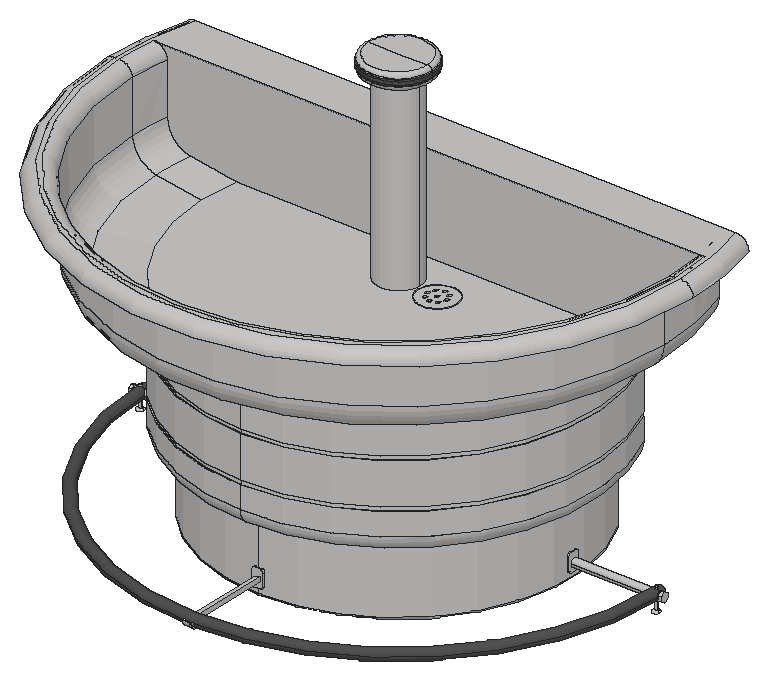
Revit family "Washfountain_Lavatory-Bradley_Corp-WF2704-Type_A_Drain", category Plumbing Fixtures, Revit 2012 (continued)
Automatic sketch dimensions
  curve 63 to curve 8 = 2.89235"
  curve 63 to curve 62 = 1.250"
  curve 62 to curve 60 = 0.64189"
  curve 8 to curve 61 = 0.37529"
  curve 66 to level = 0.000"
  curve 66 to plane 3 "Center (Left/Right)" = 0.000"
  plane 3 "Center (Left/Right)" to curve 162 = 0.400"
  plane 3 "Center (Left/Right)" to curve 70 = 1.023"
  curve 69 to curve 162 = 1.635"
  curve 26 to plane 5 "Right" = 11.278"
  curve 25 to curve 26 = 0.21563"
  curve 30 to curve 25 = 1.9764"
  curve 27 to curve 25 = 1.9764"
  curve 32 to curve 30 = 0.000"
  curve 29 to curve 27 = 0.000"
  curve 31 to curve 32 = 0.000"  (x2)
  curve 28 to curve 29 = 0.000"  (x2)
  curve 33 to plane 5 "Right" = 2.48644"
  curve 162 to plane 3 "Center (Left/Right)" = 0.40046"
  curve 68 to plane 3 "Center (Left/Right)" = 1.023"
  curve 162 to curve 67 = 1.63454"
  plane 4 "Left" to curve 26 = 11.27596"
  curve 26 to curve 25 = 0.21401"
  curve 25 to curve 32 = 1.98272"
  curve 30 to curve 32 = 0.000"
  curve 29 to curve 30 = 0.000"
  curve 27 to curve 28 = 0.000"
  plane 4 "Left" to curve 33 = 2.48644"
  level to curve 162 = 0.92558"
  level to curve 69 = 1.069"
  level to curve 67 = 1.069"
  curve 69 to curve 70 = 4.007"
  curve 68 to curve 70 = 0.000"
  level to curve 26 = 6.04595"
  curve 26 to curve 25 = 0.31292"
  curve 25 to curve 27 = 3.563"
  curve 27 to curve 28 = 0.1875"
  curve 28 to curve 29 = 0.1875"
  curve 29 to curve 30 = 3.8125"
  curve 30 to curve 31 = 0.1875"
  curve 31 to curve 32 = 0.1875"
  plane 3 "Center (Left/Right)" to Extrusion 15 sketch curve = 0.06458"
  plane 3 "Center (Left/Right)" to Extrusion 15 sketch curve = 5.500"
  Extrusion 15 sketch curve to Extrusion 15 sketch curve = 0.06458"  (x2)
  Extrusion 15 sketch curve to plane 3 "Center (Left/Right)" = 0.06458"
  Extrusion 15 sketch curve to plane 3 "Center (Left/Right)" = 5.500"
  plane 12 to Extrusion 15 sketch curve = 3.13814"  (x2)
  Extrusion 15 sketch curve to Extrusion 15 sketch curve = 0.11186"
  Extrusion 15 sketch curve to plane 12 = 6.38814"
  Extrusion 16 sketch curve to plane 6 "Towel Dispenser" = 0.000"
  Extrusion 16 sketch curve to Extrusion 16 sketch curve = 2.250"
  Extrusion 16 sketch curve to Extrusion 16 sketch curve = 4.000"
  Extrusion 17 sketch curve to plane 6 "Towel Dispenser" = 0.000"
  Extrusion 17 sketch curve to Extrusion 17 sketch curve = 2.250"
  Extrusion 17 sketch curve to Extrusion 17 sketch curve = 4.000"
  plane 3 "Center (Left/Right)" to Extrusion 18 sketch curve = 0.06458"
  plane 3 "Center (Left/Right)" to Extrusion 18 sketch curve = 5.500"
  Extrusion 18 sketch curve to Extrusion 18 sketch curve = 0.06458"  (x2)
  Extrusion 18 sketch curve to plane 3 "Center (Left/Right)" = 0.06458"
  Extrusion 18 sketch curve to plane 3 "Center (Left/Right)" = 5.500"
  plane 12 to Extrusion 18 sketch curve = 3.13814"  (x2)
  Extrusion 18 sketch curve to Extrusion 18 sketch curve = 0.11186"
  Extrusion 18 sketch curve to plane 12 = 6.38814"
  Split face 1 sketch curve to Extrusion 16 = 0.56845"
  Split face 1 sketch curve to Split face 1 sketch curve = 0.750"
  Split face 1 sketch curve to Extrusion 16 = 1.500"  (x2)
  Split face 2 sketch curve to Extrusion 17 = 0.56845"
  Split face 2 sketch curve to Split face 2 sketch curve = 0.750"
  Split face 2 sketch curve to Extrusion 17 = 1.500"  (x2)
  curve 79 to Extrusion 16 = 0.000"  (x3)
  curve 82 to Extrusion 16 = 2.602"
  curve 82 to curve 82 = 1.000"
  Extrusion 16 to curve 82 = 1.957"
  curve 80 to Extrusion 17 = 0.000"  (x3)
  curve 81 to Extrusion 17 = 2.602"
  curve 81 to curve 81 = 1.000"
  Extrusion 17 to curve 81 = 1.957"
  curve 7 to Masking region 21 sketch curve = 8.500"
  curve 7 to Masking region 21 sketch curve = 1.000"
  Masking region 21 sketch curve to curve 7 = 0.99987"
  curve 7 to Masking region 21 sketch curve = 4.875"
  curve 7 to Masking region 22 sketch curve = 1.000"
  Masking region 22 sketch curve to curve 7 = 0.99987"
  Masking region 22 sketch curve to curve 7 = 8.500"
  Masking region 22 sketch curve to curve 7 = 6.000"
  Masking region 23 sketch curve to plane 9 "Spray Head" = 0.000"
  Masking region 23 sketch curve to plane 13 = 0.000"
  Masking region 23 sketch curve to plane 12 = 2.000"
  plane 12 to Masking region 23 sketch curve = 2.000"
  Masking region 24 sketch curve to plane 6 "Towel Dispenser" = 0.000"
  Masking region 24 sketch curve to plane 7 "Soap Dispenser" = 8.500"
  Masking region 24 sketch curve to plane 12 = 2.000"
  plane 12 to Masking region 24 sketch curve = 2.000"
  Masking region 25 sketch curve to curve 10 = 0.000"
  Masking region 25 sketch curve to curve 10 = 4.250"
  Masking region 25 sketch curve to curve 10 = 2.000"
  Masking region 25 sketch curve to curve 10 = 0.250"
  curve 10 to Masking region 25 sketch curve = 1.000"
  Masking region 25 sketch curve to curve 10 = 1.000"
  curve 10 to Masking region 25 sketch curve = 3.38814"
  curve 10 to Masking region 25 sketch curve = 4.26314"
  Masking region 25 sketch curve to curve 10 = 1.37502"  (x2)
  Masking region 25 sketch curve to Masking region 25 sketch curve = 1.125"
  curve 10 to Masking region 25 sketch curve = 14.62567"  (x2)
  Masking region 25 sketch curve to Masking region 25 sketch curve = 0.68733"
  curve 10 to Masking region 25 sketch curve = 15.313"
  Masking region 25 sketch curve to Masking region 25 sketch curve = 1.000"
  Masking region 26 sketch curve to curve 9 = 0.000"
  Masking region 26 sketch curve to curve 9 = 1.37502"  (x2)
  Masking region 26 sketch curve to curve 9 = 6.02868"
  Masking region 26 sketch curve to Masking region 26 sketch curve = 1.94856"
  Masking region 26 sketch curve to curve 9 = 2.56458"
  curve 9 to Masking region 26 sketch curve = 1.000"  (x2)
  Masking region 26 sketch curve to curve 9 = 1.000"
  Masking region 26 sketch curve to curve 9 = 0.99987"
  curve 9 to Masking region 26 sketch curve = 2.56458"
  curve 9 to Masking region 26 sketch curve = 4.08013"
  Masking region 26 sketch curve to Masking region 26 sketch curve = 3.4641"
  curve 9 to Masking region 26 sketch curve = 14.62567"  (x2)
  curve 9 to Masking region 26 sketch curve = 15.313"  (x2)
  curve 9 to Masking region 26 sketch curve = 16.313"
  curve 108 to curve 10 = 0.000"
  curve 109 to curve 10 = 0.000"
  curve 116 to curve 10 = 0.000"
  curve 108 to curve 10 = 0.250"
  curve 108 to curve 109 = 0.11186"
  curve 10 to curve 116 = 0.73686"
  curve 10 to curve 113 = 1.000"
  curve 113 to curve 111 = 0.86186"
  curve 111 to curve 118 = 0.01928"
  curve 118 to curve 118 = 0.39728"
  curve 118 to curve 118 = 0.31998"
  curve 118 to curve 121 = 0.31998"
  curve 113 to curve 10 = 1.000"
  curve 10 to curve 114 = 0.625"
  curve 120 to curve 10 = 0.29642"
  curve 120 to curve 114 = 2.18152"
  curve 120 to curve 120 = 0.31998"  (x2)
  curve 10 to curve 115 = 3.69333"
  curve 120 to curve 120 = 0.39728"
  curve 114 to curve 112 = 4.76314"
  curve 118 to curve 118 = 0.17193"
  curve 120 to curve 114 = 0.46834"
  curve 121 to curve 115 = 2.89842"
  curve 115 to curve 115 = 1.000"
  curve 10 to curve 114 = 13.12502"
  curve 10 to curve 110 = 14.62567"
  curve 10 to curve 110 = 15.313"
  curve 10 to curve 113 = 15.313"
  curve 108 to curve 109 = 0.000"
  curve 123 to curve 122 = 0.000"
  curve 129 to curve 122 = 0.000"
  curve 130 to curve 122 = 0.000"
  curve 124 to curve 122 = 0.000"
  curve 123 to curve 122 = 2.56458"
  curve 122 to curve 129 = 1.000"
  curve 122 to curve 134 = 1.000"
  curve 122 to curve 133 = 1.000"
  curve 132 to curve 122 = 1.000"
  curve 131 to curve 132 = 0.000"
  curve 130 to curve 122 = 0.99987"
  curve 122 to curve 127 = 2.56458"
  curve 122 to curve 130 = 1.0786"
  curve 128 to curve 127 = 0.500"
  curve 122 to curve 126 = 14.12567"
  curve 126 to curve 125 = 0.500"
  curve 132 to curve 132 = 0.68733"
  curve 125 to curve 124 = 0.68733"
  curve 125 to curve 123 = 0.68733"
  curve 133 to curve 133 = 0.68733"
  curve 135 to curve 136 = 0.000"
  curve 96 to curve 136 = 1.37502"
  curve 96 to curve 136 = 6.02868"
  curve 84 to curve 136 = 6.02868"
  curve 93 to curve 98 = 0.9785"
  curve 93 to curve 103 = 1.17006"
  curve 103 to curve 103 = 0.55422"  (x2)
  curve 103 to curve 136 = 0.29642"
  curve 103 to curve 103 = 0.10867"
  curve 103 to curve 96 = 0.36284"
  curve 101 to curve 93 = 0.43861"
  curve 101 to curve 100 = 0.10867"
  curve 101 to curve 136 = 0.30441"
  curve 136 to curve 102 = 0.24981"
  curve 101 to curve 135 = 0.75019"
  curve 136 to curve 83 = 1.000"
  curve 135 to curve 94 = 0.41987"
  curve 83 to curve 92 = 1.93542"
  curve 92 to curve 91 = 0.12917"
  curve 90 to curve 136 = 1.41987"
  curve 83 to curve 136 = 1.000"
  curve 90 to curve 135 = 0.420"
  curve 105 to curve 136 = 0.35848"
  curve 105 to curve 106 = 0.10867"
  curve 136 to curve 105 = 0.30441"
  curve 136 to curve 86 = 0.52868"
  curve 88 to curve 105 = 0.32994"
  curve 136 to curve 99 = 1.50718"
  curve 104 to curve 97 = 2.42006"
  curve 97 to curve 107 = 0.4715"
  curve 107 to curve 107 = 0.55422"  (x2)
  curve 107 to curve 107 = 0.10867"
  curve 97 to curve 87 = 2.750"
  curve 136 to curve 105 = 0.29642"
  curve 103 to curve 103 = 0.04026"
  curve 105 to curve 105 = 0.04026"
  curve 106 to curve 97 = 1.0786"
  curve 93 to curve 98 = 2.602"
  curve 136 to curve 99 = 3.97702"
  curve 98 to curve 98 = 1.000"
  curve 99 to curve 99 = 1.000"
  curve 136 to curve 96 = 13.12502"
  curve 136 to curve 97 = 13.12502"
  curve 136 to curve 95 = 14.62567"
  curve 136 to curve 88 = 14.62567"
  curve 136 to curve 86 = 15.313"
  Extrusion 21 sketch curve to Extrusion 21 sketch curve = 0.000"  (x6)
  Extrusion 21 sketch curve to plane 12 = 0.5533"  (x3)
  plane 3 "Center (Left/Right)" to Extrusion 21 sketch curve = 5.750"
  Extrusion 21 sketch curve to Extrusion 21 sketch curve = 0.87229"
  plane 12 to Extrusion 21 sketch curve = 0.06733"  (x2)
  Extrusion 21 sketch curve to Extrusion 21 sketch curve = 0.25708"  (x4)
  Extrusion 21 sketch curve to Extrusion 21 sketch curve = 0.62063"  (x7)
  plane 12 to Extrusion 21 sketch curve = 0.32441"
  Extrusion 22 sketch curve to plane 12 = 0.5533"
  plane 3 "Center (Left/Right)" to Extrusion 22 sketch curve = 4.000"
  profile plane to Sweep 23 sketch curve = 0.500"
  profile plane to Sweep 23 sketch curve = 1.42499"
  Extrusion 24 sketch curve to plane 12 = 0.42481"
  Extrusion 24 sketch curve to plane 12 = 0.05332"
  Extrusion 24 sketch curve to plane 12 = 0.05331"
  plane 12 to Extrusion 24 sketch curve = 0.31819"
  level to Extrusion 24 sketch curve = 0.99603"
  Extrusion 24 sketch curve to Extrusion 24 sketch curve = 0.21448"  (x2)
  Extrusion 24 sketch curve to Extrusion 24 sketch curve = 0.42897"  (x2)
  Extrusion 24 sketch curve to Extrusion 24 sketch curve = 0.21449"
  Extrusion 25 sketch curve to plane 12 = 0.42481"
  Extrusion 25 sketch curve to plane 12 = 0.05332"
  Extrusion 25 sketch curve to plane 12 = 0.05331"
  plane 12 to Extrusion 25 sketch curve = 0.31819"
  level to Extrusion 25 sketch curve = 0.99603"
  Extrusion 25 sketch curve to Extrusion 25 sketch curve = 0.21448"  (x2)
  Extrusion 25 sketch curve to Extrusion 25 sketch curve = 0.42897"  (x2)
  Extrusion 25 sketch curve to Extrusion 25 sketch curve = 0.21449"
  Extrusion 26 sketch curve to plane 12 = 0.000"  (x2)
  plane 4 "Left" to Extrusion 26 sketch curve = 3.42187"
  Extrusion 26 sketch curve to plane 5 "Right" = 3.42187"
  Blend 27 sketch curve to plane 12 = 0.000"  (x2)
  plane 4 "Left" to Blend 27 sketch curve = 3.42187"  (x2)
  Blend 28 sketch curve to plane 12 = 0.000"  (x2)
  Blend 28 sketch curve to plane 5 "Right" = 3.42187"  (x2)
  Masking region 27 sketch curve to curve 163 = 1.9244"
  Masking region 27 sketch curve to curve 163 = 22.00846"
  curve 163 to Masking region 27 sketch curve = 1.100"
  Masking region 27 sketch curve to Masking region 27 sketch curve = 0.80046"
  Masking region 27 sketch curve to curve 163 = 0.92558"
  curve 163 to Masking region 27 sketch curve = 22.00846"
  Extrusion 29 sketch curve to plane 12 = 0.55331"
  Extrusion 29 sketch curve to plane 12 = 0.30331"  (x2)
  plane 12 to Extrusion 29 sketch curve = 0.19669"  (x2)
  Extrusion 29 sketch curve to Extrusion 29 sketch curve = 0.250"
  level to Extrusion 29 sketch curve = 0.671"
  Extrusion 29 sketch curve to Extrusion 29 sketch curve = 1.125"
  Extrusion 30 sketch curve to plane 12 = 0.55331"
  Extrusion 30 sketch curve to plane 12 = 0.30331"
  Extrusion 30 sketch curve to Extrusion 30 sketch curve = 0.250"  (x2)
  plane 12 to Extrusion 30 sketch curve = 0.19669"  (x2)
  level to Extrusion 30 sketch curve = 0.671"
  Extrusion 30 sketch curve to Extrusion 30 sketch curve = 1.125"
  Masking region 28 sketch curve to Masking region 28 sketch curve = 0.000"  (x12)
  Masking region 28 sketch curve to level = 0.000"  (x2)
  plane 4 "Left" to Masking region 28 sketch curve = 2.67187"
  Masking region 28 sketch curve to Masking region 28 sketch curve = 0.3125"  (x2)
  Masking region 28 sketch curve to Masking region 28 sketch curve = 0.1105"
  Masking region 28 sketch curve to Masking region 28 sketch curve = 0.1734"
  Masking region 28 sketch curve to Masking region 28 sketch curve = 0.17342"
  Masking region 28 sketch curve to Masking region 28 sketch curve = 0.14408"
  Masking region 28 sketch curve to Masking region 28 sketch curve = 0.207"  (x5)
  Masking region 28 sketch curve to Masking region 28 sketch curve = 0.18967"
  Masking region 28 sketch curve to Masking region 28 sketch curve = 0.240"  (x4)
  level to Masking region 28 sketch curve = 2.296"  (x2)
  Masking region 28 sketch curve to Masking region 28 sketch curve = 7.39508"
  Masking region 28 sketch curve to Masking region 28 sketch curve = 0.125"  (x2)
  Masking region 28 sketch curve to plane 5 "Right" = 11.06237"
  Masking region 28 sketch curve to plane 5 "Right" = 3.74887"
  Masking region 28 sketch curve to Masking region 28 sketch curve = 0.05033"
  level to Masking region 28 sketch curve = 0.1445"  (x4)
  Masking region 28 sketch curve to Masking region 28 sketch curve = 0.14409"  (x2)
  Masking region 28 sketch curve to Masking region 28 sketch curve = 0.20127"  (x2)
  Masking region 28 sketch curve to Masking region 28 sketch curve = 0.33574"
  level to Masking region 28 sketch curve = 0.671"  (x2)
  Masking region 28 sketch curve to Masking region 28 sketch curve = 0.78363"  (x2)
  Masking region 28 sketch curve to Masking region 28 sketch curve = 0.03488"  (x2)
  Masking region 28 sketch curve to Masking region 28 sketch curve = 0.03303"  (x2)
  Masking region 28 sketch curve to Masking region 28 sketch curve = 0.05746"
  Masking region 28 sketch curve to Masking region 28 sketch curve = 0.05747"  (x2)
  Masking region 28 sketch curve to Masking region 28 sketch curve = 0.05748"
  Masking region 28 sketch curve to Masking region 28 sketch curve = 0.09048"
  Masking region 28 sketch curve to Masking region 28 sketch curve = 0.09049"
  Masking region 28 sketch curve to Masking region 28 sketch curve = 0.07813"
  Masking region 28 sketch curve to Masking region 28 sketch curve = 0.11301"
  level to Masking region 29 sketch curve = 1.9244"
  plane 14 "Front" to Masking region 29 sketch curve = 3.51211"
  plane 12 to Masking region 29 sketch curve = 0.500"
  Masking region 29 sketch curve to Masking region 29 sketch curve = 0.49941"
  Masking region 30 sketch curve to Masking region 30 sketch curve = 0.000"  (x6)
  Masking region 30 sketch curve to level = 0.000"
  plane 14 "Front" to Masking region 30 sketch curve = 2.9127"
  Masking region 30 sketch curve to Masking region 30 sketch curve = 0.050"
  Masking region 30 sketch curve to Masking region 30 sketch curve = 0.49941"
  level to Masking region 30 sketch curve = 0.92558"  (x2)
  Masking region 30 sketch curve to Masking region 30 sketch curve = 7.1076"
  Masking region 30 sketch curve to Masking region 30 sketch curve = 0.1378"  (x2)
  Masking region 30 sketch curve to plane 12 = 0.55349"
  Masking region 30 sketch curve to plane 12 = 0.55331"
  Masking region 30 sketch curve to Masking region 30 sketch curve = 0.1285"
  Masking region 30 sketch curve to plane 12 = 0.32637"
  Masking region 30 sketch curve to plane 12 = 0.30331"
  Masking region 30 sketch curve to plane 12 = 0.30215"
  Masking region 30 sketch curve to plane 12 = 0.120"
  Masking region 30 sketch curve to plane 12 = 0.05332"
  Masking region 30 sketch curve to plane 12 = 0.05331"
  plane 12 to Masking region 30 sketch curve = 0.120"
  plane 12 to Masking region 30 sketch curve = 0.19559"
  plane 12 to Masking region 30 sketch curve = 0.19669"
  Masking region 30 sketch curve to Masking region 30 sketch curve = 0.1226"
  Masking region 30 sketch curve to Masking region 30 sketch curve = 0.20637"
  Masking region 30 sketch curve to Masking region 30 sketch curve = 0.250"
  Masking region 30 sketch curve to Masking region 30 sketch curve = 0.25134"
  level to Masking region 30 sketch curve = 0.1445"  (x2)
  Masking region 30 sketch curve to Masking region 30 sketch curve = 0.25458"
  Masking region 30 sketch curve to Masking region 30 sketch curve = 0.5265"
  Masking region 30 sketch curve to Masking region 30 sketch curve = 0.25136"
  Masking region 30 sketch curve to Masking region 30 sketch curve = 0.07367"
  Masking region 30 sketch curve to Masking region 30 sketch curve = 0.28493"  (x2)
  Masking region 30 sketch curve to Masking region 30 sketch curve = 0.42897"  (x2)
  Masking region 30 sketch curve to Masking region 30 sketch curve = 0.21449"
  Masking region 30 sketch curve to Masking region 30 sketch curve = 0.99881"
  Masking region 30 sketch curve to Masking region 30 sketch curve = 0.28491"
  Masking region 30 sketch curve to Masking region 30 sketch curve = 0.1216"
  Masking region 30 sketch curve to Masking region 30 sketch curve = 0.3716"
  Extrusion 31 sketch curve to Extrusion 31 sketch curve = 0.000"  (x4)
  level to Extrusion 31 sketch curve = 1.42499"
  plane 14 "Front" to Extrusion 31 sketch curve = 2.9127"
  Extrusion 31 sketch curve to Extrusion 31 sketch curve = 0.050"
  Extrusion 31 sketch curve to Extrusion 31 sketch curve = 0.49941"
  Extrusion 31 sketch curve to Extrusion 31 sketch curve = 0.45761"
  level to Extrusion 32 sketch curve = 1.42499"
  plane 14 "Front" to Extrusion 32 sketch curve = 3.51211"
  Extrusion 32 sketch curve to Extrusion 32 sketch curve = 0.56506"
  Extrusion 32 sketch curve to Extrusion 32 sketch curve = 0.000"
  level to Extrusion 32 sketch curve = 1.62499"
  Extrusion 32 sketch curve to Extrusion 32 sketch curve = 6.87403"
  curve 163 to Masking region 31 sketch curve = 0.9999"
  Masking region 31 sketch curve to Masking region 31 sketch curve = 0.0001"
  Masking region 31 sketch curve to Masking region 31 sketch curve = 0.1001"
  Masking region 31 sketch curve to Masking region 31 sketch curve = 0.250"  (x2)
  Masking region 31 sketch curve to Masking region 31 sketch curve = 0.15046"
  Masking region 31 sketch curve to Masking region 31 sketch curve = 0.49872"
  Masking region 31 sketch curve to Masking region 31 sketch curve = 0.500"
  Masking region 31 sketch curve to Masking region 31 sketch curve = 0.15128"
  Masking region 31 sketch curve to Masking region 31 sketch curve = 0.0998"
  Masking region 31 sketch curve to curve 163 = 0.67502"
  Masking region 31 sketch curve to Masking region 31 sketch curve = 0.54941"
  Masking region 31 sketch curve to Masking region 31 sketch curve = 0.44941"
  Masking region 31 sketch curve to Masking region 31 sketch curve = 0.1216"
  Masking region 32 sketch curve to plane 1 "Center (Front/Back)" = 0.000"
  Masking region 32 sketch curve to plane 5 "Right" = 1.13617"
  Masking region 32 sketch curve to plane 12 = 0.0533"
  plane 12 to Masking region 33 sketch curve = 1.13814"  (x2)
  plane 3 "Center (Left/Right)" to Masking region 33 sketch curve = 9.02868"
  plane 12 to Masking region 33 sketch curve = 3.13814"  (x2)
  Masking region 33 sketch curve to Masking region 33 sketch curve = 3.4641"
  Masking region 33 sketch curve to Masking region 33 sketch curve = 0.06458"  (x2)
  plane 3 "Center (Left/Right)" to Masking region 33 sketch curve = 3.52868"
  plane 3 "Center (Left/Right)" to Masking region 33 sketch curve = 0.06458"
  Masking region 33 sketch curve to plane 3 "Center (Left/Right)" = 0.06458"
  Masking region 33 sketch curve to plane 3 "Center (Left/Right)" = 3.52868"
  Masking region 33 sketch curve to plane 3 "Center (Left/Right)" = 5.500"
  Masking region 33 sketch curve to Masking region 33 sketch curve = 0.11186"
  plane 3 "Center (Left/Right)" to curve 169 = 0.06458"
  plane 3 "Center (Left/Right)" to curve 170 = 1.58013"
  plane 3 "Center (Left/Right)" to curve 169 = 5.56458"
  plane 12 to curve 170 = 2.26314"
  curve 170 to curve 169 = 1.51554"
  curve 168 to plane 3 "Center (Left/Right)" = 0.06458"
  curve 167 to plane 3 "Center (Left/Right)" = 1.58013"
  curve 168 to plane 3 "Center (Left/Right)" = 5.56458"
  plane 12 to curve 167 = 2.26314"
  curve 168 to curve 167 = 1.51554"
  curve 169 to curve 170 = 0.875"  (x2)
  curve 168 to curve 167 = 0.875"  (x2)
  curve 169 to plane 12 = 6.38814"
  curve 168 to curve 169 = 0.000"
  Masking region 34 sketch curve to plane 12 = 0.000"
  Masking region 34 sketch curve to plane 3 "Center (Left/Right)" = 0.000"
  plane 12 to Masking region 34 sketch curve = 2.250"
  plane 3 "Center (Left/Right)" to Masking region 34 sketch curve = 6.20569"
  curve 173 to plane 12 = 0.000"
  curve 173 to plane 3 "Center (Left/Right)" = 0.000"
  curve 174 to curve 173 = 4.15684"
  curve 172 to curve 172 = 2.250"
  curve 174 to curve 173 = 2.250"
  Extrusion 34 sketch curve to curve 7 = 1.500"
  Extrusion 34 sketch curve to curve 7 = 0.500"
  Extrusion 34 sketch curve to curve 7 = 35.232"
  Extrusion 34 sketch curve to curve 7 = 37.232"
  Extrusion 35 sketch curve to plane 12 = 0.05331"
  level to Extrusion 35 sketch curve = 1.425"
  Extrusion 36 sketch curve to plane 12 = 0.05331"
  level to Extrusion 36 sketch curve = 1.42499"
  Extrusion 37 sketch curve to plane 3 "Center (Left/Right)" = 0.500"
  Extrusion 37 sketch curve to plane 3 "Center (Left/Right)" = 0.250"  (x2)
  plane 3 "Center (Left/Right)" to Extrusion 37 sketch curve = 0.250"  (x2)
  Extrusion 37 sketch curve to Extrusion 37 sketch curve = 0.250"
  level to Extrusion 37 sketch curve = 0.671"
  Extrusion 37 sketch curve to Extrusion 37 sketch curve = 1.125"
  curve 163 to curve 184 = 1.100"
  curve 183 to curve 183 = 0.80046"
  curve 182 to curve 163 = 0.82558"
  curve 183 to curve 184 = 0.100"
  curve 182 to curve 182 = 0.100"
  Split face 3 sketch curve to cut or joined group of Revolve 11, Extrusion 13 = 0.000"  (x3)
  Revolve 39 sketch curve to curve 7 = 0.000"
  Revolve 39 sketch curve to Revolve 39 sketch curve = 0.000"
  Revolve 39 sketch curve to curve 7 = 3.13971"
  Revolve 39 sketch curve to Revolve 39 sketch curve = 0.06598"
  Revolve 39 sketch curve to Revolve 39 sketch curve = 1.63087"
  Revolve 39 sketch curve to curve 7 = 2.61866"
  Extrusion 40 sketch curve to curve 7 = 3.20569"
  Extrusion 40 sketch curve to Extrusion 40 sketch curve = 0.06598"  (x2)
  curve 7 to Extrusion 40 sketch curve = 3.13971"
  curve 6 to Masking region 37 sketch curve = 1.79013"
  curve 6 to Masking region 37 sketch curve = 0.79013"
  Masking region 38 sketch curve to curve 6 = 1.54013"
  Masking region 38 sketch curve to Masking region 38 sketch curve = 0.500"
  Masking region 17 sketch curve to plane 1 "Center (Front/Back)" = 0.000"
  plane 14 "Front" to Masking region 17 sketch curve = 9.000"
  plane 11 "Pedestal Height" to Masking region 17 sketch curve = 3.15525"
  Masking region 17 sketch curve to Masking region 17 sketch curve = 3.79921"
  plane 11 "Pedestal Height" to Masking region 17 sketch curve = 0.60775"
  Masking region 17 sketch curve to Masking region 17 sketch curve = 0.37728"
  Masking region 17 sketch curve to Masking region 17 sketch curve = 2.61961"
  Masking region 17 sketch curve to plane 10 "Rim Height" = 1.125"
  Masking region 17 sketch curve to Masking region 17 sketch curve = 0.04119"
  Masking region 17 sketch curve to plane 14 "Front" = 0.000"
  Masking region 18 sketch curve to plane 1 "Center (Front/Back)" = 0.000"
  plane 14 "Front" to Masking region 18 sketch curve = 2.5451"
  Masking region 18 sketch curve to plane 10 "Rim Height" = 1.125"
  plane 14 "Front" to Masking region 18 sketch curve = 0.00001"
  Masking region 13 sketch curve to plane 10 "Rim Height" = 0.000"
  Masking region 13 sketch curve to plane 11 "Pedestal Height" = 0.000"
  Masking region 13 sketch curve to plane 10 "Rim Height" = 0.00011"
  Masking region 13 sketch curve to plane 10 "Rim Height" = 1.125"
  Masking region 13 sketch curve to plane 4 "Left" = 0.000"
  Masking region 13 sketch curve to Masking region 13 sketch curve = 1.415"
  Masking region 13 sketch curve to Masking region 13 sketch curve = 0.04119"  (x2)
  plane 11 "Pedestal Height" to Masking region 13 sketch curve = 0.60775"
  Masking region 13 sketch curve to Masking region 13 sketch curve = 2.24233"
  Masking region 13 sketch curve to Masking region 13 sketch curve = 0.37728"  (x2)
  Masking region 13 sketch curve to Masking region 13 sketch curve = 4.17649"
  plane 10 "Rim Height" to Masking region 13 sketch curve = 0.00019"
  plane 4 "Left" to Masking region 13 sketch curve = 1.125"
  Masking region 13 sketch curve to plane 5 "Right" = 1.125"
  Masking region 13 sketch curve to plane 5 "Right" = 8.99924"
  Masking region 13 sketch curve to Masking region 13 sketch curve = 3.79845"
  plane 11 "Pedestal Height" to Masking region 13 sketch curve = 0.60764"
  plane 11 "Pedestal Height" to Masking region 13 sketch curve = 3.15514"
  Masking region 13 sketch curve to Masking region 13 sketch curve = 2.61961"
  Masking region 13 sketch curve to plane 10 "Rim Height" = 1.12511"
  plane 11 "Pedestal Height" to Masking region 13 sketch curve = 3.15525"
  Masking region 13 sketch curve to plane 5 "Right" = 0.000"
  Masking region 14 sketch curve to plane 4 "Left" = 0.000"
  Masking region 14 sketch curve to plane 11 "Pedestal Height" = 0.000"
  Masking region 14 sketch curve to plane 5 "Right" = 0.000"
  Masking region 14 sketch curve to plane 10 "Rim Height" = 0.000"
  Masking region 14 sketch curve to plane 10 "Rim Height" = 1.12495"  (x2)
  Masking region 14 sketch curve to Masking region 14 sketch curve = 2.57762"
  Masking region 14 sketch curve to plane 5 "Right" = 2.57762"
  curve 13 to plane 12 = 0.0533"
  Extrusion 43 sketch curve to plane 5 "Right" = 2.97048"
  Extrusion 43 sketch curve to plane 3 "Center (Left/Right)" = 0.000"
  Extrusion 43 sketch curve to Extrusion 43 sketch curve = 0.996"  (x2)
  Extrusion 43 sketch curve to Extrusion 43 sketch curve = 0.000"  (x2)
  Extrusion 43 sketch curve to plane 1 "Center (Front/Back)" = 0.000"
  plane 12 to Extrusion 43 sketch curve = 3.5782"
  Extrusion 44 sketch curve to plane 1 "Center (Front/Back)" = 0.000"
  Extrusion 44 sketch curve to plane 5 "Right" = 2.54607"
  Extrusion 44 sketch curve to plane 5 "Right" = 1.55559"
  Extrusion 44 sketch curve to plane 12 = 0.0533"  (x2)
  Extrusion 44 sketch curve to plane 3 "Center (Left/Right)" = 1.250"
  plane 4 "Left" to Extrusion 44 sketch curve = 2.58453"
  plane 4 "Left" to Extrusion 44 sketch curve = 1.59404"
  Sweep 45 sketch curve to profile plane = 0.000"
  Sweep 45 sketch curve to Sweep 45 sketch curve = 0.09252"
  Sweep 45 sketch curve to profile plane = 0.060"
  Sweep 45 sketch curve to profile plane = 1.15752"
  Sweep 45 sketch curve to Sweep 45 sketch curve = 0.000"  (x2)
  Sweep 45 sketch curve to profile plane = 0.06025"
  Sweep 45 sketch curve to Sweep 45 sketch curve = 0.410"
  Sweep 45 sketch curve to profile plane = 1.12499"
  Sweep 45 sketch curve to Sweep 45 sketch curve = 1.065"
  Sweep 45 sketch curve to profile plane = 2.6737"
  Sweep 45 sketch curve to Sweep 45 sketch curve = 2.19097"
  Sweep 45 sketch curve to Sweep 45 sketch curve = 0.36864"
  Sweep 45 sketch curve to Sweep 45 sketch curve = 4.19488"
  Sweep 45 sketch curve to Sweep 45 sketch curve = 4.67456"
  Sweep 45 sketch curve to Sweep 45 sketch curve = 0.04441"
  Sweep 45 sketch curve to Sweep 45 sketch curve = 0.61043"
  Sweep 45 sketch curve to Sweep 45 sketch curve = 0.0567"
  Sweep 45 sketch curve to Sweep 45 sketch curve = 0.00036"
  curve 71 to level = 0.000"
  curve 71 to plane 12 = 0.000"
  curve 19 to plane 1 "Center (Front/Back)" = 0.000"
  curve 18 to plane 1 "Center (Front/Back)" = 0.000"
  curve 23 to plane 1 "Center (Front/Back)" = 0.000"
  curve 24 to plane 1 "Center (Front/Back)" = 0.000"
  curve 20 to plane 1 "Center (Front/Back)" = 0.000"
  curve 22 to plane 1 "Center (Front/Back)" = 0.000"
  curve 21 to plane 1 "Center (Front/Back)" = 0.000"
  curve 17 to plane 1 "Center (Front/Back)" = 0.000"
  curve 16 to plane 1 "Center (Front/Back)" = 0.000"
  curve 156 to plane 12 = 0.05331"
  curve 161 to plane 12 = 0.120"
  curve 157 to plane 12 = 0.120"
  curve 155 to plane 12 = 0.120"
  curve 75 to plane 12 = 0.96986"
  curve 74 to curve 161 = 1.86186"
  plane 14 "Front" to curve 23 = 11.303"
  curve 22 to curve 23 = 0.21401"
  curve 16 to curve 22 = 1.97802"
  curve 17 to curve 16 = 0.000"
  curve 18 to curve 16 = 0.000"
  curve 21 to curve 17 = 0.0047"
  curve 19 to curve 21 = 0.000"
  curve 20 to curve 21 = 0.000"
  plane 14 "Front" to curve 24 = 2.54029"
  plane 12 to curve 157 = 0.120"
  plane 12 to curve 160 = 0.120"
  plane 12 to curve 155 = 0.120"
  plane 12 to curve 73 = 0.96986"
  curve 160 to curve 72 = 1.86186"
  level to curve 155 = 0.1445"
  curve 155 to curve 160 = 0.52704"
  curve 161 to curve 160 = 0.000"  (x2)
  curve 160 to curve 160 = 0.25404"
  level to curve 72 = 1.069"
  level to curve 74 = 1.069"
  curve 161 to curve 156 = 0.49942"
  curve 156 to curve 158 = 0.4994"
  curve 159 to curve 158 = 0.000"
  curve 158 to curve 157 = 0.07559"
  curve 157 to curve 75 = 3.07601"
  curve 73 to curve 75 = 0.000"
  curve 73 to curve 71 = 0.96995"
  curve 23 to curve 22 = 0.31292"
  curve 22 to curve 20 = 3.563"
  curve 20 to curve 21 = 0.21459"
  curve 21 to curve 19 = 0.16041"
  curve 19 to curve 17 = 3.8125"
  curve 17 to curve 18 = 0.20619"
  curve 18 to curve 16 = 0.16881"
  radius of curve 13 = 27.000"
  radius of curve 138 = 1.750"
  radius of curve 139 = 1.250"
  radius of curve 140 = 0.1842"
  radius of curve 141 = 0.1842"
  radius of curve 142 = 0.1842"
  radius of curve 143 = 0.1842"
  radius of curve 144 = 0.1842"
  radius of curve 145 = 0.1842"
  radius of curve 146 = 0.1842"
  radius of curve 147 = 0.1842"
  radius of curve 148 = 0.1842"
  radius of curve 67 = 0.350"
  radius of curve 68 = 0.350"
  radius of curve 69 = 0.350"
  radius of curve 70 = 0.350"
  radius of Extrusion 15 sketch curve = 2.000"
  radius of Extrusion 18 sketch curve = 2.000"
  radius of Extrusion 21 sketch curve = 0.1842"  (x9)
  radius of Extrusion 22 sketch curve = 1.750"
  radius of curve 137 to Extrusion 21 = 0.500"
  radius of Sweep 23 sketch curve = 0.49941"
  radius of Extrusion 26 sketch curve = 0.120"  (x2)
  radius of Blend 27 sketch curve = 0.120"
  radius of Blend 27 sketch curve = 0.327"
  radius of Blend 28 sketch curve = 0.120"
  radius of Blend 28 sketch curve = 0.327"
  radius of curve 171 = 2.000"
  radius of Masking region 35 sketch curve = 4.57537"
  radius of curve 175 = 3.750"
  radius of Masking region 36 sketch curve = 3.12487"
  radius of curve 176 = 2.750"
  radius of Extrusion 35 sketch curve = 0.36122"
  radius of Extrusion 36 sketch curve = 0.36122"
  radius of Extrusion 41 sketch curve = 0.500"
  radius of Extrusion 42 sketch curve = 0.250"
  radius of curve 72 = 0.350"
  radius of curve 73 = 0.350"
  radius of curve 74 = 0.350"
  radius of curve 75 = 0.350"
  radius of curve 156 = 0.36122"
Connectors (in)
  piping at (-7.625, 0, 12), driven by "Hot Lavatory Inlet Primary Radius", driven by "HWFU"
    settings: on Extrusion 34, index 1, connector radius 1/2", flow factor 0, pipe flow 0.0 GPM, pressure drop 0.0 psi, fitting loss kfactor 0, connector angle 0.00°, fixture units 0, engagement length 0.000", flow configuration 3, flow direction 1, fitting loss method 0, system type 19, joint type 0, gender type 0, connector reference index -1, connector utility 0, adjustable connector no, is connector primary yes, fitting loss table "", connector description "Hot Lavatory Inlet Primary"
  piping at (7.625, 0, 12), driven by "Cold Lavatory Inlet Primary Radius", driven by "CWFU"
    settings: on Extrusion 34, index 2, connector radius 1/2", flow factor 0, pipe flow 0.0 GPM, pressure drop 0.0 psi, fitting loss kfactor 0, connector angle 0.00°, fixture units 0, engagement length 0.000", flow configuration 3, flow direction 1, fitting loss method 0, system type 20, joint type 0, gender type 0, connector reference index -1, connector utility 0, adjustable connector no, is connector primary no, fitting loss table "", connector description "Cold Lavatory Inlet Primary"
  piping at (4, 0, 11.625), driven by "Drain Primary Radius", driven by "WFU"
    settings: on Extrusion 46, index 3, connector radius 1", flow factor 0, pipe flow 0.0 GPM, pressure drop 0.0 psi, fitting loss kfactor 0, connector angle 0.00°, fixture units 0, engagement length 0.000", flow configuration 3, flow direction 2, fitting loss method 0, system type 16, joint type 0, gender type 0, connector reference index -1, connector utility 0, adjustable connector yes, is connector primary no, fitting loss table "", connector description "Drain Primary"
  piping at (-7.625, -5, 0), driven by "Hot Lavatory Inlet Secondary Radius", driven by "HWFU"
    settings: on Extrusion 38, index 4, connector radius 1/2", flow factor 0, pipe flow 0.0 GPM, pressure drop 0.0 psi, fitting loss kfactor 0, connector angle 0.00°, fixture units 0, engagement length 0.000", flow configuration 3, flow direction 1, fitting loss method 0, system type 19, joint type 0, gender type 0, connector reference index -1, connector utility 0, adjustable connector no, is connector primary no, fitting loss table "", connector description "Hot Lavatory Inlet Secondary"
  piping at (7.625, -5, 0), driven by "Cold Lavatory Inlet Secondary Radius", driven by "CWFU"
    settings: on Extrusion 38, index 5, connector radius 1/2", flow factor 0, pipe flow 0.0 GPM, pressure drop 0.0 psi, fitting loss kfactor 0, connector angle 0.00°, fixture units 0, engagement length 0.000", flow configuration 3, flow direction 1, fitting loss method 0, system type 20, joint type 0, gender type 0, connector reference index -1, connector utility 0, adjustable connector no, is connector primary no, fitting loss table "", connector description "Cold Lavatory Inlet Secondary"
  piping at (4, -8.25, 0), driven by "Drain Secondary Radius", driven by "WFU"
    settings: on Extrusion 33, index 6, connector radius 1", flow factor 0, pipe flow 0.0 GPM, pressure drop 0.0 psi, fitting loss kfactor 0, connector angle 0.00°, fixture units 0, engagement length 0.000", flow configuration 3, flow direction 2, fitting loss method 0, system type 16, joint type 0, gender type 0, connector reference index -1, connector utility 0, adjustable connector yes, is connector primary no, fitting loss table "", connector description "Drain Secondary"
  electrical at (-4, 0, 9.643), driven by "Voltage"
    settings: on Extrusion 34, index 7, voltage 24 V, apparent load 0 VA, apparent load phase1 0 VA, apparent load phase2 0 VA, apparent load phase3 0 VA, power factor 1, load classification "Other", number of poles 1, system type 31, power factor state 1, is connector primary yes, connector utility no, sub classification motor no, connector description ""
